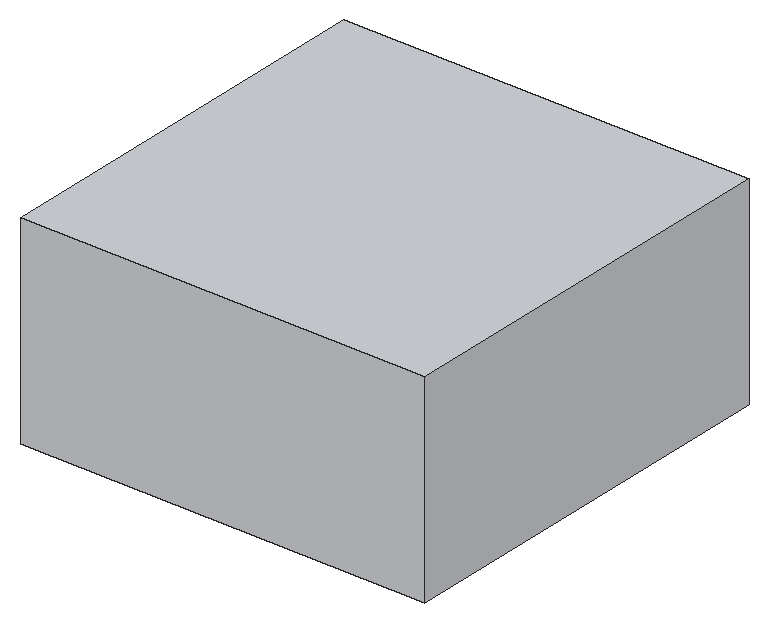
Revit family "Brick", category Generic Models, Revit 2020
Family settings
  Can host rebar = No
  Round Connector Dimension = Use Diameter
  Part Type = Normal
  Work Plane-Based = No
  Always vertical = Yes
  Cut with Voids When Loaded = No
  Shared = No
  Room Calculation Point = No
Parameters
  width = 200 mm
  material = none
  length [instance] = 200 mm
  height = 100 mm
  Default Elevation = 0 mm
Reference planes
  plane 1 "Center (Front/Back)": y = 0
  plane 2: z = 0
  plane 3 "Center (Left/Right)": x = 0
  plane 4: x = -100
  plane 5: z = -50
  plane 6: z = 50
  plane 7: x = 100
  plane 8: y = 100
  plane 9: y = -100
Forms (mm)
  Extrusion 1, solid, material <- "material"
    sketch origin (0, 0, 0) x (1, 0, 0) y (0, 1, 0)
      loop
        line (-100, 100) -> (-100, -100) -> (100, -100) -> (100, 100) -> (-100, 100)
    from -50 to 50
Dimensions and locks
  equal spacing: plane 7, plane 3 "Center (Left/Right)", plane 4
  equal spacing: plane 6, plane 2, plane 5
  "height": plane 6 to plane 5
  "length": plane 4 to plane 7
  equal spacing: plane 8, plane 1 "Center (Front/Back)", plane 9
  "width": plane 8 to plane 9
  aligned and locked: level to plane 2
  aligned and locked: Extrusion 1 sketch curve to plane 8
  aligned and locked: plane 7 to Extrusion 1 sketch curve
  aligned and locked: plane 9 to Extrusion 1 sketch curve
  aligned and locked: Extrusion 1 sketch curve to plane 4
  aligned and locked: Extrusion 1 to plane 5
  aligned and locked: Extrusion 1 to plane 6
